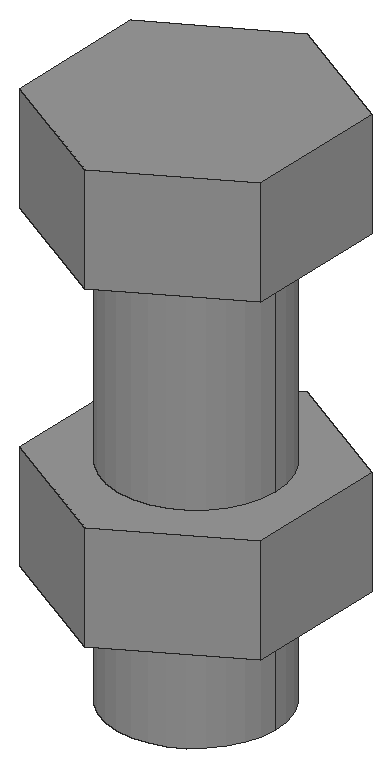
Revit family "050523 - W_P_C - Fastenings - Lag Bolt or Thru Bolt", category Generic Models, Revit 2019
Family settings
  Can host rebar = No
  Round Connector Dimension = Use Diameter
  Part Type = Normal
  Work Plane-Based = Yes
  Always vertical = No
  Cut with Voids When Loaded = No
  Shared = No
  Room Calculation Point = No
Parameters (values of type "3/4" x 2"")
  Thickness_of_Substrate [instance] = 0' - 1"
  Side = Head Size * 0.57812  # 0' - 0.65039"
  Radius = Diameter / 2  # 0' - 0 3/8"
  Nut_Visibility [instance] = yes
  Length = 0' - 2"
  Head Size = 0' - 1 1/8"
  Head Radius = Head Size / 2  # 0' - 0 9/16"
  Head Height = 0' - 0 1/2"
  Diameter = 0' - 0 3/4"
  Default Elevation = 4' - 0"
  Bolt Material (Size) = 3/4" THRU BOLTS
Types (23): name | Side | Radius | Length | Head Size | Head Radius | Head Height | Diameter | Bolt Material (Size)
  1/2" x 3" | 0' - 0 111/256" | 0' - 0 1/4" | 0' - 3" | 0' - 0 3/4" | 0' - 0 3/8" | 0' - 0 27/64" | 0' - 0 1/2" | 5/8" THRU BOLTS
  1/4" x 3" | 0' - 0.25293" | 0' - 0 1/8" | 0' - 3" | 0' - 0 7/16" | 0' - 0 7/32" | 0' - 0 11/64" | 0' - 0 1/4" | 5/8" THRU BOLTS
  5/16" x 3" | 0' - 0 37/128" | 0' - 0 5/32" | 0' - 3" | 0' - 0 1/2" | 0' - 0 1/4" | 0' - 0 7/32" | 0' - 0 5/16" | 5/8" THRU BOLTS
  3/8" x 3" | 0' - 0.3252" | 0' - 0 3/16" | 0' - 3" | 0' - 0 9/16" | 0' - 0 9/32" | 0' - 0 1/4" | 0' - 0 3/8" | 5/8" THRU BOLTS
  7/16" x 3" | 0' - 0.36133" | 0' - 0 7/32" | 0' - 3" | 0' - 0 5/8" | 0' - 0 5/16" | 0' - 0 19/64" | 0' - 0 7/16" | 5/8" THRU BOLTS
  5/8" x 3" | 0' - 0.54199" | 0' - 0 5/16" | 0' - 3" | 0' - 0 15/16" | 0' - 0 15/32" | 0' - 0 27/64" | 0' - 0 5/8" | 5/8" THRU BOLTS
  1/2" x 2 1/2" | 0' - 0 111/256" | 0' - 0 1/4" | 0' - 2 1/2" | 0' - 0 3/4" | 0' - 0 3/8" | 0' - 0 11/32" | 0' - 0 1/2" | 5/8" THRU BOLTS
  3/4" x 2" | 0' - 0.65039" | 0' - 0 3/8" | 0' - 2" | 0' - 1 1/8" | 0' - 0 9/16" | 0' - 0 1/2" | 0' - 0 3/4" | 3/4" THRU BOLTS
  3/8" x 1" | 0' - 0.3252" | 0' - 0 3/16" | 0' - 1" | 0' - 0 9/16" | 0' - 0 9/32" | 0' - 0 1/4" | 0' - 0 3/8" | 5/8" THRU BOLTS
  1/2" x 4" | 0' - 0 111/256" | 0' - 0 1/4" | 0' - 4" | 0' - 0 3/4" | 0' - 0 3/8" | 0' - 0 1/2" | 0' - 0 1/2" | 1" GALV. LAG BOLT (LENGTH = 1/2" SHY OF GLULAM DEPTH) -  (GALV. THRU BOLT IF PLATE ON OPP. SIDE OF STRUCT MEMBER)
  1/2" x 2" | 0' - 0 111/256" | 0' - 0 1/4" | 0' - 2" | 0' - 0 3/4" | 0' - 0 3/8" | 0' - 0 1/2" | 0' - 0 1/2" | 1" GALV. LAG BOLT (LENGTH = 1/2" SHY OF GLULAM DEPTH) -  (GALV. THRU BOLT IF PLATE ON OPP. SIDE OF STRUCT MEMBER)
  ONE | 0' - 0 111/128" | 0' - 0 1/2" | 0' - 3" | 0' - 1 1/2" | 0' - 0 3/4" | 0' - 0 151/256" | 0' - 1" | 1" GALV. LAG BOLT (LENGTH = 1/2" SHY OF GLULAM DEPTH) -  (GALV. THRU BOLT IF PLATE ON OPP. SIDE OF STRUCT MEMBER)
  3/4" x 4" | 0' - 0.65039" | 0' - 0 3/8" | 0' - 3" | 0' - 1 1/8" | 0' - 0 9/16" | 0' - 0 1/2" | 0' - 0 3/4" | 3/4" LAG BOLT (THRU BOLT IF PLATE ON OPP. SIDE OF STRUCT MEMBER)
  #10 | 0' - 0.1626" | 0' - 0.09961" | 0' - 4" | 0' - 0 9/32" | 0' - 0 9/64" | 0' - 0 1/8" | 0' - 0 51/256" | 5/8" GALV. ANCHOR BOLT @ 24" O.C. (6" MIN. EMBEDMENT)
  1/4" | 0' - 0.25293" | 0' - 0 1/8" | 0' - 4" | 0' - 0 7/16" | 0' - 0 7/32" | 0' - 0 11/64" | 0' - 0 1/4" | 5/8" GALV. ANCHOR BOLT @ 24" O.C. (6" MIN. EMBEDMENT)
  1" | 0' - 0 111/128" | 0' - 0 1/2" | 0' - 4" | 0' - 1 1/2" | 0' - 0 3/4" | 0' - 0 43/64" | 0' - 1" | 5/8" GALV. ANCHOR BOLT @ 24" O.C. (6" MIN. EMBEDMENT)
  7/8" | 0' - 0.75879" | 0' - 0 7/16" | 0' - 4" | 0' - 1 5/16" | 0' - 0 21/32" | 0' - 0 37/64" | 0' - 0 7/8" | 5/8" GALV. ANCHOR BOLT @ 24" O.C. (6" MIN. EMBEDMENT)
  5/8" | 0' - 0.54199" | 0' - 0 5/16" | 0' - 2" | 0' - 0 15/16" | 0' - 0 15/32" | 0' - 0 27/64" | 0' - 0 5/8" | 5/8" GALV. ANCHOR BOLT @ 24" O.C. (6" MIN. EMBEDMENT)
  1/2" | 0' - 0 111/256" | 0' - 0 1/4" | 0' - 4" | 0' - 0 3/4" | 0' - 0 3/8" | 0' - 0 1/2" | 0' - 0 1/2" | 1/2" X 5" LAG BOLT (THRU BOLT IF PLATE ON OPP. SIDE OF STRUCT MEMBER)
  3/4" | 0' - 0.65039" | 0' - 0 3/8" | 0' - 7" | 0' - 1 1/8" | 0' - 0 9/16" | 0' - 0 1/2" | 0' - 0 3/4" | 5/8" GALV. ANCHOR BOLT @ 24" O.C. (6" MIN. EMBEDMENT)
  3/8" | 0' - 0.3252" | 0' - 0 3/16" | 0' - 4" | 0' - 0 9/16" | 0' - 0 9/32" | 0' - 0 1/4" | 0' - 0 3/8" | 3/8" X GALV LAG BOLT (HOLE 15/32")
  5/8" x 6" | 0' - 0.54199" | 0' - 0 5/16" | 0' - 6" | 0' - 0 15/16" | 0' - 0 15/32" | 0' - 0 27/64" | 0' - 0 5/8" | 5/8" GALV. ANCHOR BOLT @ 24" O.C. (6" MIN. EMBEDMENT)
  5/8" x 7" | 0' - 0.54199" | 0' - 0 5/16" | 0' - 7" | 0' - 0 15/16" | 0' - 0 15/32" | 0' - 0 27/64" | 0' - 0 5/8" | 5/8" GALV. ANCHOR BOLT @ 24" O.C. (6" MIN. EMBEDMENT)
Reference planes (in)
  plane 1 "Center (Front/Back)": y = 0
  plane 2: z = 0
  plane 3 "Center (Left/Right)": x = 0
  plane 4: z = 0.5
  plane 5: z = -2
  plane 6: y = 0
  plane 7: x = 0
  plane 8: z = -1
Forms (in)
  Extrusion 1, solid, material "3/4" THRU BOLTS" <- "Bolt Material (Size)"
    sketch origin (0, 0, 0) x (1, 0, 0) y (0, 1, 0)
      loop
        circle (0, 0) r 0.375
    from -2 to 0
Lines and regions (in)
  model lines, style "InvisibleLines"
    curve 1: line (0, -0.64952, 0.5) -> (0, 0.64952, 0.5)
    curve 2: line (0.5625, 0, 0.5) -> (-0.5625, 0, 0.5)
  symbolic lines, style "InvisibleLines"
    curve 3: line (0, 0, 0.5) -> (0, 0, -2)
    curve 4: line (0, 0, 0.5) -> (0, 0, -2)
Dimensions and locks (in)
  "Head Height": plane 4 to level
  "Length": level to plane 5
  "Thickness_of_Substrate": plane 2 to plane 8
  "Radius": radius of Extrusion 1 sketch curve
  aligned and locked: level to plane 2
  aligned and locked: Extrusion 1 to plane 5
  aligned and locked: plane 7 to curve 1
  aligned and locked: plane 6 to curve 2
  aligned and locked: plane 6 to curve 4
Automatic sketch dimensions
  curve 3 to plane 3 "Center (Left/Right)" = 0' - 0"
  curve 3 to plane 5 = 0' - 0"
  curve 3 to plane 4 = 0' - 0"
  curve 4 to plane 5 = 0' - 0"
  curve 4 to plane 4 = 0' - 0"
  curve 1 to curve 2 = 0' - 0.64952"
  curve 2 to curve 1 = 0' - 0.64952"
  curve 2 to nested 1 = 0' - 0"  (x2)
  plane 1 "Center (Front/Back)" to Extrusion 1 sketch curve = 0' - 0"
  Extrusion 1 sketch curve to plane 3 "Center (Left/Right)" = 0' - 0"
Nested families (in)
  nested 1: "Nut" at (0, 0, 0), Diameter <- "Diameter", Head Height <- "Head Height", Head Size <- "Head Size", Bolt Material (Size) <- "Bolt Material (Size)", type "one"
    with Side 0' - 0.65039", Radius 0' - 0 3/8", Head Size 0' - 1 1/8", Head Radius 0' - 0 9/16", Head Height 0' - 0 1/2", Diameter 0' - 0 3/4", Bolt Material (Size) 3/4" THRU BOLTS
  nested 2: "Nut" at (0, 0, -1) x (1, 0, 0) z (0, 0, -1), Diameter <- "Diameter", Head Height <- "Head Height", Head Size <- "Head Size", visible <- "Nut_Visibility", Bolt Material (Size) <- "Bolt Material (Size)", type "one"
    with Side 0' - 0.65039", Radius 0' - 0 3/8", Head Size 0' - 1 1/8", Head Radius 0' - 0 9/16", Head Height 0' - 0 1/2", Diameter 0' - 0 3/4", Bolt Material (Size) 3/4" THRU BOLTS
Definition of nested family "Nut"
  Parameters (values of type "one")
    Side [instance] = Head Size * 0.57812  # 0' - 0 111/256"
    Radius [instance] = Diameter / 2  # 0' - 0 1/4"
    Head Size [instance] = 0' - 0 3/4"
    Head Radius [instance] = Head Size / 2  # 0' - 0 3/8"
    Head Height [instance] = 0' - 0 11/32"
    Diameter [instance] = 0' - 0 1/2"
    Default Elevation = 4' - 0"
    Bolt Material (Size) [instance] = none
  Reference planes (in)
    plane 1 "Center (Front/Back)": y = 0
    plane 2: z = 0
    plane 3 "Center (Left/Right)": x = 0
    plane 4: z = 0.34375
    plane 5: y = 0
    plane 6: x = 0
  Forms (in)
    Extrusion 1, solid, material <- "Bolt Material (Size)"
      sketch origin (0, 0, 0) x (1, 0, 0) y (0, 1, 0)
        loop
          line (0, 0.43301) -> (-0.375, 0.21651) -> (-0.375, -0.21651) -> (0, -0.43301) -> (0.375, -0.21651) -> (0.375, 0.21651) -> (0, 0.43301)
      from 0 to 0.34375
  Lines and regions (in)
    symbolic lines
      curve 1: line (0, 0, 0.34375) -> (0, 0, -3)
  Dimensions and locks (in)
    "Head Height": plane 4 to level
    "Head Radius": Extrusion 1 sketch curve to plane 3 "Center (Left/Right)"
    "Head Radius": Extrusion 1 sketch curve to plane 6
    "Head Radius": Extrusion 1 sketch curve to plane 5  (x2)
    locked: Extrusion 1 sketch curve to Extrusion 1 sketch curve (angle 120.00°)  (x5)
    aligned and locked: level to plane 2
    aligned and locked: Extrusion 1 to plane 4
    aligned and locked: plane 5 to curve 1
  Automatic sketch dimensions
    curve 1 to plane 4 = 0' - 0"
    curve 1 to level = 0' - 3"
    Extrusion 1 sketch curve to plane 3 "Center (Left/Right)" = 0' - 0"  (x2)
